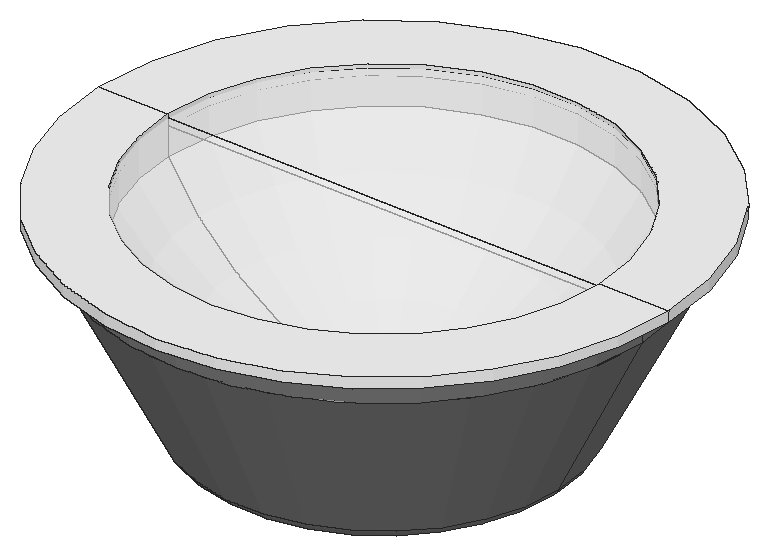
Revit family "30513", category Lighting Fixtures, host Face, Revit 2018
Family settings
  Host = Face
  Round Connector Dimension = Use Diameter
  Part Type = Normal
  OmniClass Number = 23.80.70.00
  OmniClass Title = Lighting
  Cut with Voids When Loaded = No
  Light Source = Yes
  Shared = No
  Room Calculation Point = No
Parameters (values of type "0030513 INSAVER SLIM UGR19 IP44 200 2500 840 SQ ")
  WidthBezel_SYL = if(Size1_SYL, 20 mm, if(Size2_SYL, 20 mm, if(Size3PIR_SYL, 30 mm, if(Size4_SYL, 20 mm, 20 mm))))  # 20 mm
  Weight = "n/a"
  Wattage Comments = ""
  Wattage = 9 W
  WarrantyStartDate [instance] = "n/a"
  WarrantyGuarantorParts = "n/a"
  WarrantyDurationUnit = "n/a"
  WarrantyDurationParts = ""
  WarrantyDescription = "http://www.sylvania-lighting.com"
  built-in parameter 1150110 = 1 (stored number, unit not read)
  Voltage = 230 V
  VisibilityPIR_SYL = Size3PIR_SYL  # no
  URL = "0.9"
  TypeName = "Insaver Slim UGR19 IP44 200 2500lm 840 Square"
  Type Image = <None>
  Type Comments = "n/a"
  built-in parameter 1114217 = 1 (stored number, unit not read)
  Tilt Angle = -90.00°
  built-in parameter 1150109 = 1 (stored number, unit not read)
  built-in parameter 1150134 = (empty or 0)
  built-in parameter 1150113 = 1 (stored number, unit not read)
  Size4_SYL = no
  Size3PIR_SYL = no
  Size2_SYL = no
  Size1_SYL = yes
  SerialNumber [instance] = "n/a"
  RadiusTop_SYL = 6 mm
  RadiusReflector_SYL = if(Size1_SYL, 85 mm, if(Size2_SYL, 85 mm, if(Size3PIR_SYL, 85 mm, if(Size4_SYL, 100 mm, 120 mm))))  # 85 mm
  Photometric Web File = "0030513.IES"
  Material_3_FEILO = Top-Sylvania-STARTDownlight
  PowerFactor = 0.9
  PowerConsumption = "Lighting"
  NominalLength = 217 mm
  NominalHeight = 50 mm
  NominalDepth = 165 mm
  Name = "Insaver Slim UGR19 IP44 200 2500lm 840 Square"
  ModelReference = Name  # "Insaver Slim UGR19 IP44 200 2500lm 840 Square"
  ModelNumber = "0030513"
  Model = Name  # "Insaver Slim UGR19 IP44 200 2500lm 840 Square"
  Material = "Feilo Sylvania"
  ManufacturerName = "125 lm/W"
  Manufacturer = ""
  LuminousEfficacy = ""
  built-in parameter 1150105 = 83.795 (stored number, unit not read)
  Lumens = 1053 lm
  LuminaireType = "0"
  built-in parameter 1150115 = 1 (stored number, unit not read)
  LightOutputRatio = "LED"
  built-in parameter 1150137 = (empty or 0)
  built-in parameter 1150139 = (empty or 0)
  LampsType = Lamp  # "n/a"
  LampNominalLuminous = "4000 K"
  LampMacAdamStep = "80"
  LampColourTemperature = "LED"
  LampColourRenderingIndex = "16500"
  built-in parameter 1150112 = 1 (stored number, unit not read)
  built-in parameter 1150114 = 1 (stored number, unit not read)
  Lamp = "n/a"
  Keynote = "n/a"
  InstallationDate [instance] = "n/a"
  InputVoltage = "0"
  InputNominalFrequency = "4000"
  built-in parameter 1150132 = (empty or 0)
  built-in parameter 1150102 = (empty or 0)
  built-in parameter 1150107 = 3000 (stored number, unit not read)
  built-in parameter 1150138 = (empty or 0)
  IngressProtection = "IfcLightFixtureType"
  ImpactProtectionIndex = "IfcLightFixtureType"
  built-in parameter 1150106 = 0.83795 (stored number, unit not read)
  IfcExportType = "IfcLightFixtureType"
  IfcExportAs = "Class II"
  Height_SYL = if(Size1_SYL, 61 mm, if(Size2_SYL, 61 mm, if(Size3PIR_SYL, 61 mm, if(Size4_SYL, 61 mm, 60 mm))))  # 61 mm
  HeightBezel_SYL = if(Size1_SYL, 3 mm, if(Size2_SYL, 3 mm, if(Size3PIR_SYL, 3 mm, if(Size4_SYL, 3.2 mm, 3 mm))))  # 3 mm
  ExpectedLife = 50000
  Emit from Circle Diameter = Diameter_SYL - 40 mm  # 125 mm
  Emit Shape Visible in Rendering = no
  ElectricShockClassification = "125"
  built-in parameter 1150104 = 10.87 (stored number, unit not read)
  DurationUnit = "hours"
  DocumentationLiterature = "http://www.sylvania-lighting.com/product/en-int/products/0030513"
  DimmingControlOptions = "n/a"
  Material_2_FEILO = Diffuser-Sylvania-STARTDownlight
  Dimming Lamp Color Temperature Shift = <None>
  Diameter_SYL = if(Size1_SYL, 165 mm, if(Size2_SYL, 190 mm, if(Size3PIR_SYL, 211 mm, if(Size4_SYL, 220 mm, 240 mm))))  # 165 mm
  DiameterTop_SYL = if(Size1_SYL, 98 mm, if(Size2_SYL, 122 mm, if(Size3PIR_SYL, 120 mm, if(Size4_SYL, 135 mm, 158 mm))))  # 98 mm
  DiameterTopBase_SYL = DiameterRecess_SYL  # 150 mm
  DiameterRecess_SYL = if(Size1_SYL, 150 mm, if(Size2_SYL, 170 mm, if(Size3PIR_SYL, 186 mm, if(Size4_SYL, 200 mm, 225 mm))))  # 150 mm
  Description = "Insaver Slim is a ceiling recessed LED downlight (IP44 from the front),Die-cast aluminium body, loop in loop out connector for quick installation, Non dimmable LED driver, 20W; 2500lm; 125lm/W; 4000K; UGR <19 with shallow product depth 65mm. Meets TP(a) requirements."
  Default Elevation = 1219.2 mm
  CreatedOn = "05/03/2024"
  CreatedBy = "@sylvania-lighting.com"
  Cost = 0
  Color Filter = 16777215
  built-in parameter 1114216 [instance] = (empty or 0)
  ClassificationValue = "EF_70_80"
  ClassificationName = "Uniclass2015"
  Material_1_FEILO = Trim-Sylvania-STARTDownlight-White
  BarCode [instance] = "n/a"
  built-in parameter 1114218 = 1 (stored number, unit not read)
  built-in parameter 1150133 = 10 (stored number, unit not read)
  AssetType = "Fixed"
  AssetIdentifier [instance] = "n/a"
  Assembly Code = "D5020200"
  Apparent Load = 20 VA
  Material_4_FEILO = LED-Sylvania-STARTDownlight
Reference planes
  plane 1 "Center (Front/Back)": y = 0
  plane 2: z = 0
  plane 3 "Center (Left/Right)": x = 0
  plane 4: x = 82.5
  plane 5: x = -82.5
  plane 6: z = 3
  plane 7: z = -8
  plane 8: z = -58
  plane 9: x = -75
  plane 10: x = 75
  plane 11: x = -49
  plane 12: x = 49
  plane 13: z = -85
  plane 14: x = -62.5
  plane 15: z = 2
  plane 16: z = -46
  plane 17: x = -16
  plane 18: x = -67.5
  plane 19: x = -81.5
  plane 20: x = -99.5
  plane 21: x = -76.5
  plane 22: z = 5.5
  plane 23: z = 8.7
  plane 24: x = -75.5
  plane 25: z = 13.7
Forms (mm)
  Revolve 1, void
    sketch origin (0, 0, 0) x (1, 0, 0) y (0, 0, 1)
      loop
        line (0, 0) -> (-75, 0) -> (-75, -85) -> (0, -85) -> (0, 0)
      axis (0, 0) -> (0, -85)
    angle from 360 to 0
  Revolve 2, solid, material "Trim-Sylvania-STARTDownlight-White" <- "Material_1_FEILO"
    sketch origin (0, 0, 0) x (1, 0, 0) y (0, 0, 1)
      loop
        line (-62.5, 3) -> (-82.5, 3) -> (-82.5, 0) -> (-75, 0) -> (-75, -8) -> (-50.681, -54.768)
        arc (-50.681, -54.768) -> (-48.471, -57.129) -> (-45.357, -58) r 6
        line (-45.357, -58) -> (0, -58) -> (0, -46) -> (-16, -46)
        arc (-16, -46) -> (-42.718, -31.243) -> (-62.5, -8) r 85
        line (-62.5, -8) -> (-62.5, 3)
      axis (0, 3) -> (0, -58)
    angle from 360 to 0
  Revolve 3, solid, material "Diffuser-Sylvania-STARTDownlight" <- "Material_2_FEILO"
    sketch origin (0, 0, 0) x (1, 0, 0) y (0, 0, 1)
      loop
        line (-62.5, 0) -> (0, 0) -> (0, 2) -> (-62.5, 2) -> (-62.5, 0)
      axis (0, 2) -> (0, 0)
    angle from 360 to 0
  Revolve 4, solid, material "Trim-Sylvania-STARTDownlight-White" <- "Material_1_FEILO", visible <- "VisibilityPIR_SYL"
    sketch origin (0, 0, 0) x (1, 0, 0) y (0, 0, 1)
      loop
        line (-67.5, 3) -> (-67.5, 13.7)
        arc (-67.5, 13.7) -> (-72.217, 12.347) -> (-75.5, 8.7) r 8.9
        line (-75.5, 8.7) -> (-75.5, 5.5) -> (-76.5, 5.5) -> (-76.5, 3) -> (-67.5, 3)
      axis (-67.5, 13.7) -> (-67.5, 3)
    angle from 360 to 0
Dimensions and locks
  equal spacing: plane 4, plane 3 "Center (Left/Right)", plane 5
  "Diameter_SYL": plane 4 to plane 5
  equal spacing: plane 10, plane 3 "Center (Left/Right)", plane 9
  equal spacing: plane 12, plane 3 "Center (Left/Right)", plane 11
  "DiameterTop_SYL": plane 12 to plane 11
  "HeightBezel_SYL": plane 6 to plane 2
  "Height_SYL": plane 6 to plane 8
  locked: plane 2 to plane 7 at 8
  locked: plane 2 to plane 13 at 85
  "WidthBezel_SYL": plane 14 to plane 5
  locked: plane 6 to plane 15 at 1
  "DiameterRecess_SYL": plane 10 to plane 9
  locked: plane 3 "Center (Left/Right)" to plane 17 at 16
  locked: plane 16 to plane 8 at 12
  locked: plane 18 to plane 21 at 9
  locked: plane 22 to plane 6 at 2.5
  locked: plane 23 to plane 22 at 3.2
  locked: plane 18 to plane 24 at 8
  locked: plane 25 to plane 23 at 5
  locked: plane 25 to Revolve 4 sketch curve at 8.9
  locked: plane 18 to plane 5 at 15
  "RadiusReflector_SYL": radius of Revolve 2 sketch curve
  "RadiusTop_SYL": radius of Revolve 2 sketch curve
  aligned and locked: plane 2 to host face
  aligned and locked: level to host face
  aligned and locked: Revolve 1 sketch curve to plane 3 "Center (Left/Right)"
  aligned and locked: plane 3 "Center (Left/Right)" to Revolve 1 sketch curve
  aligned and locked: Revolve 1 sketch curve to plane 9
  aligned and locked: plane 13 to Revolve 1 sketch curve
  aligned and locked: plane 3 "Center (Left/Right)" to imposter light
  aligned and locked: imposter light to plane 15
  aligned and locked: imposter light to plane 1 "Center (Front/Back)"
  aligned and locked: Revolve 2 sketch curve to plane 3 "Center (Left/Right)"
  aligned and locked: Revolve 2 sketch curve to plane 6
  aligned and locked: Revolve 2 sketch curve to plane 5
  aligned and locked: Revolve 2 sketch curve to level
  aligned and locked: plane 7 to Revolve 2 sketch curve  (x2)
  aligned and locked: Revolve 2 sketch curve to plane 9
  aligned and locked: plane 8 to Revolve 2 sketch curve
  aligned and locked: Revolve 2 sketch curve to plane 14
  aligned and locked: plane 3 "Center (Left/Right)" to Revolve 2 sketch curve
  aligned and locked: Revolve 2 sketch curve to plane 16
  aligned and locked: Revolve 3 sketch curve to plane 3 "Center (Left/Right)"
  aligned and locked: Revolve 3 sketch curve to level
  aligned and locked: imposter light to Revolve 3 sketch curve  (x2)
  aligned and locked: Revolve 4 sketch curve to plane 18  (x2)
  aligned and locked: Revolve 4 sketch curve to plane 6
  aligned and locked: plane 22 to Revolve 4 sketch curve
  aligned and locked: plane 24 to Revolve 4 sketch curve
  aligned and locked: Revolve 4 sketch curve to Revolve 4 sketch curve
  aligned and locked: plane 21 to Revolve 4 sketch curve
Automatic sketch dimensions
  host sketch curve to host sketch curve = 2438.4 mm  (x2)
  plane 13 to Revolve 1 sketch curve = 524.6 mm
  Revolve 1 sketch curve to plane 6 = 2606.058 mm
  Revolve 1 sketch curve to level = 0 mm
  Revolve 2 sketch curve to plane 17 = 0 mm
  Revolve 2 sketch curve to plane 11 = 1.681 mm
  plane 11 to Revolve 2 sketch curve = 3.643 mm
  plane 13 to Revolve 2 sketch curve = 524.6 mm
  Revolve 2 sketch curve to Revolve 2 sketch curve = 2577.983 mm
  Revolve 3 sketch curve to plane 14 = 0 mm
  plane 13 to Revolve 3 sketch curve = 524.6 mm
  Revolve 3 sketch curve to plane 6 = 2606.058 mm
  Revolve 4 sketch curve to plane 23 = 0 mm
  plane 13 to Revolve 4 sketch curve = 524.6 mm
  Revolve 4 sketch curve to Revolve 4 sketch curve = 2595.358 mm
Connectors
  electrical at (0, 0, 0), driven by "Apparent Load", driven by "PowerFactor", driven by "Voltage"
    settings: index 1, voltage 230 V, apparent load 20 VA, apparent load phase1 0 VA, apparent load phase2 0 VA, apparent load phase3 0 VA, power factor 0.9, load classification "Lighting", number of poles 1, system type 30, power factor state 1, is connector primary yes, connector utility no, sub classification motor no, connector description ""
